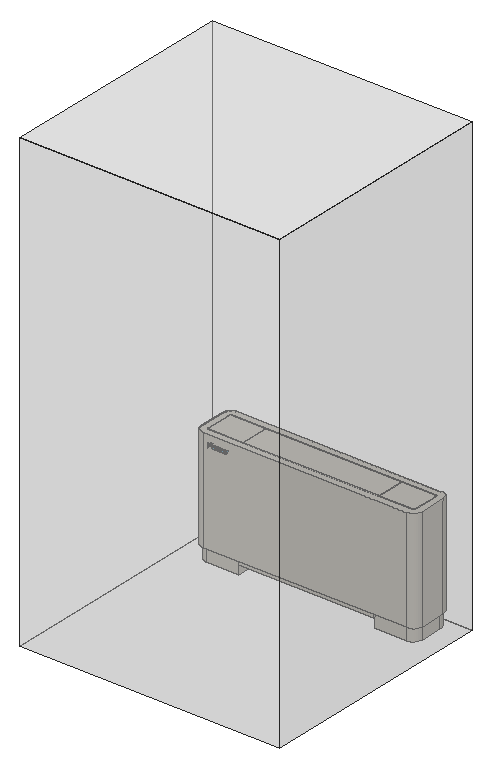
Revit family "outputfile", category 機械設備, Revit 2024
Family settings
  丸型コネクタ寸法 = 半径を使用
  パーツ タイプ = 標準
  OmniClass 番号 = 23.75.10.24.21.27.27
  OmniClass タイトル = Split System Air Conditioning Units
  作業面ベース = いいえ
  常に垂直 = はい
  ロード時にボイドで切り取り = いいえ
  注釈の向きを維持 = いいえ
  共有 = いいえ
  部屋計算ポイント = いいえ
Parameters (values of type "FXLQ40MAVE8")
  Description = ""
  製造元 = "Daikin"
  書き出し IFC クラス(タイプ) = "IfcUnitaryEquipmentType"
  定義済み IFC タイプ(タイプ) = "AIRCONDITIONINGUNIT"
  Cost = 0
  モデル = "FXLQ40MAVE8"
  Type Comments = ""
  Keynote = ""
  Type Image = (empty or 0)
  Assembly Code = ""
  w_machine casing = 760.0 mm
  w_hangerfixture = 0.0 mm
  w_dischargeflange = 702.0 mm
  w_2_machine casing = 730.0 mm
  w_1_machine casing = 702.0 mm
  r_Liquid Pipe Size = Liquid Pipe Size / 2  # 3.2 mm
  r_Gas Pipe Size = Gas Pipe Size / 2  # 6.35 mm
  w_mounting foot = 1030.0 mm
  r_Drain Pipe Size = Drain Pipe Size / 2  # 10.5 mm
  h_mountinghole = [h***] + 2.5 mm  # 2.5 mm
  lh_liquidpipe = 391.0 mm  # constant formula
  lh_gaspipe = 301.0 mm  # constant formula
  lh_drainpipe = 181.0 mm  # constant formula
  lh_antena = 598.5 mm  # constant formula
  ld_liquidpipe = 88.0 mm  # constant formula
  ld_gaspipe = 143.0 mm  # constant formula
  ld_drainpipe = 156.0 mm  # constant formula
  h*** = 0.0 mm  # constant formula
  w_front suction = 801.0 mm
  d_pipe_2 = 27.3 mm  # constant formula
  d_pipe_1 = 47.6 mm  # constant formula
  d_pipe = 71.2 mm  # constant formula
  Width = 1140.0 mm
  Voltage_comment_50Hz = "220-240"
  Voltage_50Hz = 220 V
  Version = "ver.1.0"
  Unit Type = "Floor Standing Type"
  Unit Mass Weight = 30.00 kg
  Unit Designation [instance] = ""
  Uniclass2015Version = "Products v1.30"
  Uniclass2015Title = "Variable refrigerant flow units"
  Uniclass2015Code = "Pr_70_65_03_94"
  URL = ""
  Total Heating Capacity [instance] = 0.000 kW
  Total Cooling Capacity [instance] = 0.000 kW
  Sound Pressure Level_M speed (dBA) = 0
  Sound Pressure Level_L speed (dBA) = 34
  Sound Pressure Level_H speed (dBA) = 39
  Sound Power Level_H speed (dB) = 0
  Series = "VRV Fan Coil Unit"
  Sensible Cooling Capacity [instance] = 0.000 kW
  SA Duct Size Width = w_dischargeflange  # 702.0 mm
  SA Duct Size Height = 150.0 mm  # constant formula
  Refrigerant Type = "R410A"
  Power Input (Heating) = 0.090 kW
  Power Input (Cooling) = 0.090 kW
  Phase_50Hz = 1
  Option Accessory 3 [instance] = ""
  Option Accessory 2 [instance] = ""
  Option Accessory 1 [instance] = ""
  Nominal Heating Capacity = 5.000 kW
  Nominal Cooling Capacity = 4.500 kW
  Minimum External Static Pressure = 0.00 Pa
  Minimum Circuit Amps_50Hz = 0.6 A
  Minimum Airflow = 510.00 m³/h
  Median Airflow = 0.00 m³/h
  Maximum Fuse Amps_50Hz = 15.0 A
  Maximum External Static Pressure = 0.00 Pa
  Maximum Airflow = 660.00 m³/h
  Material_Casing = DAIKIN_IvoryWhite_Casing_indoorunit
  Load Classification = HVAC
  Liquid Pipe Size = 6.4 mm
  Link_Nested Family [instance] = ""
  IfcVersion = "0"
  IfcExportType = "AIRCONDITIONINGUNIT"
  IfcExportAs = "IfcUnitaryEquipmentType"
  Height = 600.0 mm
  Heating Entering Wet Bulb Temperature [instance] = 0.00 °C
  Heating Entering Dry Bulb Temperature [instance] = 0.00 °C
  Heating Ambient Wet Bulb Temperature [instance] = 0.00 °C
  Heating Ambient Dry Bulb Temperature [instance] = 0.00 °C
  Heat Exchanger Type = "Cross Fin Coil"
  Gas Pipe Size = 12.7 mm
  Frequency_50Hz = 50 Hz
  Fan Type = "Sirocco Fan"
  Fan Drive = "Direct Drive"
  FCU Tag No. [instance] = ""
  Drain Pipe Size = 21.0 mm
  Design Supply Airflow [instance] = 0.00 m³/h
  Design External Static Pressure [instance] = 0.00 Pa
  Depth = 222.0 mm
  既定の高さ = 0.0 mm
  Cooling Entering Wet Bulb Temperature [instance] = 0.00 °C
  Cooling Entering Dry Bulb Temperature [instance] = 0.00 °C
  Cooling Ambient Wet Bulb Temperature [instance] = 0.00 °C
  Cooling Ambient Dry Bulb Temperature [instance] = 0.00 °C
  Clearance visibility [instance] = yes
  Clearance Top = 1750.0 mm
  Clearance Right = 100.0 mm
  Clearance Rear = 20.0 mm
  Clearance Left = 100.0 mm
  Clearance Front = 1000.0 mm
  Clearance Bottom = 0.0 mm
Reference planes
  plane 1: y = 0
  plane 2: z = 0
  plane 3 "Center (Left/Right)": x = 0
  plane 4 "Center (Front/Back)": y = -103
  plane 5: y = -206
  plane 6: x = -380
  plane 7: x = 380
  plane 8: z = 584
  plane 9: z = 68
  plane 10: z = 609
  plane 11: z = 2350
  plane 12: z = 0
  plane 13: x = -670
  plane 14: x = 670
  plane 15: y = -1214
  plane 16: y = 28
  plane 17 "Bottom": z = 0
  plane 18: x = -348
  plane 19: x = 348
  plane 20: x = -399
  plane 21: x = -550
  plane 22: z = 129
  plane 23: z = 518
  plane 24: z = 564.5
  plane 25: y = -32
  plane 26: x = 478.8
  plane 27 "ld_drainpipe": y = -148
  plane 28: z = 181
  plane 29: z = 301
  plane 30: z = 391
  plane 31: x = 407
  plane 32: x = 365
  plane 33: x = -365
  plane 34 "ld_liquidpipe": y = -80
  plane 35 "ld_gaspipe": y = -135
  plane 36: x = 514
  plane 37: z = 518.4
  plane 38: z = 388.6
  plane 39: x = 366
  plane 40: x = -366
  plane 41: x = -474.5
  plane 42: y = -42
  plane 43: y = -25.8
  plane 44 "Left": x = -570
  plane 45 "Right": x = 570
  plane 46: x = -351
  plane 47: x = 351
  plane 48: z = 70
  plane 49 "Top": z = 600
  plane 50 "Front": y = -214
  plane 51 "Back": y = 8
  plane 52: y = -201
Forms (mm)
  Extrusion 1, solid, material "DAIKIN_IvoryWhite_Casing_indoorunit" <- "Material_Casing"
    sketch origin (0, 0, 0) x (1, 0, 0) y (0, 1, 0)
      loop
        line (-380, 0) -> (-380, -206) -> (380, -206) -> (380, 0) -> (-380, 0)
    from 68 to 584
  Extrusion 2, solid, material "DAIKIN_IvoryWhite_Casing_indoorunit" <- "Material_Casing"
    sketch origin (0, 0, 68) x (0, 1, 0) y (1, 0, 0)
      loop
        line (0, -348) -> (0, 348) -> (-206, 348) -> (-206, -348) -> (0, -348)
    from 0 to 19.6
  Extrusion 3, solid, material "DAIKIN_IvoryWhite_Casing_indoorunit" <- "Material_Casing"
    sketch origin (-380, -206, 0) x (0, 1, 0) y (0, 0, -1)
      loop
        circle (103, -448.5) r 12.5
      loop
        circle (103, -243.5) r 12.5
    from 0 to 19
  Extrusion 4, solid, material "DAIKIN_IvoryWhite_Casing_indoorunit" <- "Material_Casing"
    sketch origin (0, 0, 68) x (-1, 0, 0) y (0, -1, 0)
      loop
        line (550, 25.8) -> (550, 71.25) -> (415.25, 206) -> (399, 206) -> (399, 25.8) -> (550, 25.8)
    from 61 to 450
  Extrusion 5, solid, material "DAIKIN_IvoryWhite_Casing_indoorunit" <- "Material_Casing"
    sketch origin (380, 0, 0) x (0, -1, 0) y (0, 0, -1)
      loop
        line (5.208, -545.14) -> (32, -564.5) -> (104, -554.5) -> (202.913, -407.529) -> (197.289, -319.3) -> (168.604, -299.952) -> (5.208, -545.14)
    from 0 to 98.8
  Extrusion 6, solid, material "DAIKIN_IvoryWhite_Casing_indoorunit" <- "Material_Casing"
    sketch origin (380, 0, 0) x (0, -1, 0) y (0, 0, -1)
      loop
        line (188.5, -240) -> (188.5, -210) -> (107.5, -210) -> (107.5, -240) -> (188.5, -240)
    from 0 to 50
  Extrusion 7, solid, material "DAIKIN_IvoryWhite_Casing_indoorunit" <- "Material_Casing"
    sketch origin (380, -107.5, 210) x (-1, 0, 0) y (0, 1, 0)
      loop
        circle (-27, -40.5) r 10.5
    from 0 to 29
  Sweep 8, solid, material "DAIKIN_IvoryWhite_Casing_indoorunit" <- "Material_Casing"
    path origin (0, -80, 0) x (0, 0, 1) y (1, 0, 0)
      loop
        line (518.4, 478.8) -> (518.4, 501)
        arc (518.4, 501) -> (514.592, 510.192) -> (505.4, 514) r 13
        line (505.4, 514) -> (391, 514)
    profile origin (489.9, -80, 518.4) x (0, 0, -1) y (0, 1, 0)
      loop
        circle (0, 0) r 3.2
  Sweep 9, solid, material "DAIKIN_IvoryWhite_Casing_indoorunit" <- "Material_Casing"
    path origin (0, -135, 0) x (0, 0, 1) y (1, 0, 0)
      loop
        line (388.6, 478.8) -> (388.6, 501)
        arc (388.6, 501) -> (384.792, 510.192) -> (375.6, 514) r 13
        line (375.6, 514) -> (301, 514)
    profile origin (489.9, -135, 388.6) x (0, 0, -1) y (0, 1, 0)
      loop
        circle (0, 0) r 6.35
Dimensions and locks
  equal spacing: plane 5, plane 4 "Center (Front/Back)", plane 1
  equal spacing: plane 6, plane 3 "Center (Left/Right)", plane 7
  locked: plane 10 to plane 8 at 25
  "h***": plane 17 "Bottom" to plane 2
  locked: plane 8 to plane 9 at 516
  "Clearance Bottom": plane 17 "Bottom" to plane 12
  locked: plane 6 to plane 18 at 32
  locked: plane 19 to plane 7 at 32
  plane 18 to plane 19 = 696.0 mm
  locked: Extrusion 3 sketch curve to plane 9 at 175.5
  locked: Extrusion 3 sketch curve to Extrusion 3 sketch curve at 205
  locked: plane 6 to plane 20 at 19
  plane 23 to plane 22 to plane 17 "Bottom" = 389.0 mm locked, 129.0 mm locked
  locked: plane 21 to plane 6 at 170
  locked: plane 10 to plane 24 at 44.5
  locked: plane 5 to plane 25 at 174
  locked: plane 7 to plane 26 at 98.8
  locked: Extrusion 6 sketch curve to Extrusion 6 sketch curve at 30
  locked: Extrusion 6 sketch curve to Extrusion 6 sketch curve at 81
  locked: Extrusion 6 sketch curve to plane 17 "Bottom" at 240
  locked: plane 27 "ld_drainpipe" to Extrusion 6 sketch curve at 40.5
  "lh_drainpipe": plane 28 to plane 17 "Bottom"
  "lh_gaspipe": plane 29 to plane 17 "Bottom"
  "lh_liquidpipe": plane 30 to plane 17 "Bottom"
  locked: plane 33 to plane 6 at 15
  locked: plane 7 to plane 32 at 15
  locked: plane 31 to plane 32 at 42
  locked: plane 36 to plane 7 at 134
  locked: plane 10 to plane 37 at 90.6
  locked: plane 10 to plane 38 at 220.4
  locked: plane 6 to plane 40 at 14
  locked: plane 39 to plane 7 at 14
  equal spacing: plane 32, plane 3 "Center (Left/Right)", plane 33
  plane 32 to plane 33 = 730.0 mm
  locked: plane 21 to plane 41 at 75.5
  locked: plane 42 to plane 1 at 42
  locked: plane 43 to plane 5 at 180.2
  locked: Extrusion 4 sketch curve to plane 20 at 16.25
  locked: plane 43 to Extrusion 4 sketch curve at 45.45
  locked: plane 46 to plane 44 "Left" at 219
  locked: plane 45 "Right" to plane 47 at 219
  "Width": plane 45 "Right" to plane 44 "Left"
  locked: plane 49 "Top" to plane 48 at 530
  equal spacing: plane 45 "Right", plane 3 "Center (Left/Right)", plane 44 "Left"
  "w_machine casing": plane 6 to plane 7
  "Depth": plane 51 "Back" to plane 50 "Front"
  equal spacing: plane 51 "Back", plane 4 "Center (Front/Back)", plane 50 "Front"
  locked: plane 1 to plane 5 at 206
  locked: plane 10 to plane 17 "Bottom" at 609
  "Height": plane 49 "Top" to plane 17 "Bottom"
  "Clearance Rear": plane 16 to plane 51 "Back"
  "Clearance Front": plane 50 "Front" to plane 15
  "Clearance Right": plane 14 to plane 45 "Right"
  "Clearance Left": plane 44 "Left" to plane 13
  "Clearance Top": plane 11 to plane 49 "Top"
  equal spacing: plane 18, nested 2, plane 19
  "ld_liquidpipe": plane 34 "ld_liquidpipe" to plane 51 "Back"
  "ld_gaspipe": plane 35 "ld_gaspipe" to plane 51 "Back"
  "ld_drainpipe": plane 27 "ld_drainpipe" to plane 51 "Back"
  locked: plane 50 "Front" to plane 52 at 13
  "Drain Pipe Size": diameter of Extrusion 7 sketch curve
  "Gas Pipe Size": diameter of Sweep 9 sketch curve
  locked: Extrusion 4 sketch curve to Extrusion 4 sketch curve (angle 45.00°)
  aligned and locked: level to plane 2
  aligned and locked: plane 1 to Extrusion 1 sketch curve
  aligned and locked: plane 6 to Extrusion 1 sketch curve
  aligned and locked: plane 5 to Extrusion 1 sketch curve
  aligned and locked: Extrusion 1 sketch curve to plane 7
  aligned and locked: plane 8 to Extrusion 1
  aligned and locked: Extrusion 1 to plane 9
  aligned and locked: plane 8 to nested 1
  aligned and locked: plane 3 "Center (Left/Right)" to nested 1
  aligned and locked: nested 2 to plane 16
  aligned and locked: nested 2 to plane 15
  aligned and locked: plane 11 to nested 2
  aligned and locked: plane 12 to nested 2
  aligned and locked: plane 13 to nested 2
  aligned and locked: plane 14 to nested 2
  aligned and locked: nested 3 to plane 4 "Center (Front/Back)"
  aligned and locked: nested 4 to plane 4 "Center (Front/Back)"
  aligned and locked: plane 1 to Extrusion 2 sketch curve
  aligned and locked: plane 5 to Extrusion 2 sketch curve
  aligned and locked: plane 18 to Extrusion 2 sketch curve
  aligned and locked: Extrusion 2 sketch curve to plane 19
  aligned and locked: plane 4 "Center (Front/Back)" to Extrusion 3 sketch curve  (x2)
  aligned and locked: Extrusion 3 to plane 20
  aligned and locked: plane 21 to Extrusion 4 sketch curve
  aligned and locked: Extrusion 4 sketch curve to plane 20
  aligned and locked: plane 23 to Extrusion 4
  aligned and locked: Extrusion 4 to plane 22
  aligned and locked: plane 26 to Extrusion 5
  aligned and locked: plane 25 to Extrusion 5 sketch curve
  aligned and locked: plane 24 to Extrusion 5 sketch curve
  aligned and locked: plane 31 to Extrusion 7 sketch curve
  aligned and locked: plane 27 "ld_drainpipe" to Extrusion 7 sketch curve
  aligned and locked: Extrusion 7 to plane 28
  aligned and locked: plane 36 to Sweep 8 sketch curve
  aligned and locked: Sweep 8 sketch curve to plane 37
  aligned and locked: plane 30 to Sweep 8 sketch curve
  aligned and locked: plane 26 to Sweep 8 sketch curve
  aligned and locked: plane 29 to Sweep 9 sketch curve
  aligned and locked: plane 26 to Sweep 9 sketch curve
  aligned and locked: Sweep 9 sketch curve to plane 38
  aligned and locked: plane 36 to Sweep 9 sketch curve
  aligned and locked: nested 3 to plane 39
  aligned and locked: plane 40 to nested 4
  aligned and locked: plane 31 to nested 5
  aligned and locked: nested 6 to plane 36
  aligned and locked: nested 7 to plane 36
  aligned and locked: nested 8 to plane 41
  aligned and locked: plane 4 "Center (Front/Back)" to nested 8
  aligned and locked: Extrusion 4 sketch curve to plane 43
  aligned and locked: Extrusion 4 sketch curve to plane 5
  aligned and locked: nested 7 to plane 34 "ld_liquidpipe"
  aligned and locked: nested 6 to plane 35 "ld_gaspipe"
  aligned and locked: nested 5 to plane 27 "ld_drainpipe"
  aligned and locked: nested 9 to plane 46
  aligned and locked: nested 9 to plane 17 "Bottom"
  aligned and locked: nested 10 to plane 47
  aligned and locked: nested 10 to plane 17 "Bottom"
  aligned and locked: plane 3 "Center (Left/Right)" to nested 11
  aligned and locked: nested 11 to plane 4 "Center (Front/Back)"
  aligned and locked: nested 11 to plane 48
  aligned and locked: nested 12 to plane 50 "Front"
  aligned and locked: plane 24 to nested 12
  aligned and locked: plane 20 to nested 12
  aligned and locked: plane 52 to nested 10
  aligned and locked: nested 9 to plane 52
  aligned and locked: nested 5 to plane 17 "Bottom"
  aligned and locked: nested 6 to plane 17 "Bottom"
  aligned and locked: nested 7 to plane 17 "Bottom"
  aligned and locked: nested 8 to plane 17 "Bottom"
  aligned and locked: plane 4 "Center (Front/Back)" to nested 1
  aligned and locked: plane 49 "Top" to nested 11
Automatic sketch dimensions
  Extrusion 1 sketch curve to plane 5 = 0.0 mm
  Extrusion 1 to Extrusion 5 sketch curve = 5.208 mm
  Extrusion 1 to Extrusion 5 sketch curve = 29.5 mm
  Extrusion 5 sketch curve to Extrusion 5 sketch curve = 72.0 mm
  Extrusion 1 to Extrusion 5 sketch curve = 37.396 mm
  Extrusion 1 to Extrusion 5 sketch curve = 8.711 mm
  Extrusion 1 to Extrusion 5 sketch curve = 3.087 mm
  Extrusion 5 sketch curve to Extrusion 5 sketch curve = 19.36 mm
  Extrusion 1 to Extrusion 5 sketch curve = 176.471 mm
  Extrusion 5 sketch curve to Extrusion 5 sketch curve = 88.229 mm
  Extrusion 5 sketch curve to Extrusion 5 sketch curve = 19.348 mm
  Sweep 8 sketch curve to profile plane = 0.0 mm  (x2)
  Sweep 8 sketch curve to plane 23 = 12.6 mm
  Sweep 9 sketch curve to plane 38 = 13.0 mm
  Sweep 9 sketch curve to plane 35 "ld_gaspipe" = 0.0 mm
  Sweep 9 sketch curve to profile plane = 0.0 mm
  radius of Extrusion 3 sketch curve = 12.5 mm  (x2)
  radius of Sweep 8 sketch curve = 3.2 mm
Nested families
  nested 1: "daikin_ductflange_FXLQ-MAVE8" at (0, -178, 584) x (1, 0, 0) z (0, 1, 0), width <- "w_dischargeflange", material <- "Material_Casing", type "daikin_ductflange_FXLQ-MAVE8"
    with width 702.0 mm, material DAIKIN_IvoryWhite_Casing_indoorunit, height 150.0 mm, depth 16.0 mm
  nested 2: "daikin_clearancespace" at (0, -593, 1175.119), visible <- "Clearance visibility", show <- "Clearance visibility", Link_Nested Family <- "Link_Nested Family", type "daikin_clearancespace"
    with width 1340.0 mm, show yes, height 2350.0 mm, depth 1242.0 mm, Link_Nested Family ""
  nested 3: "daikin_mountinghole" at (366, -103, 0), Link_Nested Family <- "Link_Nested Family", h_mountinghole <- "h_mountinghole", l_antenna <- "lh_antena", type "daikin_mountinghole"
    with show yes, l_antenna 598.5 mm, h_mountinghole 2.5 mm, Link_Nested Family ""
  nested 4: "daikin_mountinghole" at (-366, -103, 0), Link_Nested Family <- "Link_Nested Family", h_mountinghole <- "h_mountinghole", l_antenna <- "lh_antena", type "daikin_mountinghole"
    with show yes, l_antenna 598.5 mm, h_mountinghole 2.5 mm, Link_Nested Family ""
  nested 5: "daikin_connector_rotate2" at (407, -148, 181) x (1, 0, 0) z (0, -1, 0), radius <- "r_Drain Pipe Size", length <- "lh_drainpipe", type "daikin_connector_rotate2"
    with radius 10.5 mm, length 181.0 mm, angle_vertical 90.00°, show_face no
  nested 6: "daikin_connector_rotate2" at (514, -135, 301) x (1, 0, 0) z (0, -1, 0), radius <- "r_Gas Pipe Size", length <- "lh_gaspipe", type "daikin_connector_rotate2"
    with radius 6.35 mm, length 301.0 mm, angle_vertical 90.00°, show_face no
  nested 7: "daikin_connector_rotate2" at (514, -80, 391) x (1, 0, 0) z (0, -1, 0), radius <- "r_Liquid Pipe Size", length <- "lh_liquidpipe", type "daikin_connector_rotate2"
    with radius 3.2 mm, length 391.0 mm, angle_vertical 90.00°, show_face no
  nested 8: "daikin_connector_rotate2" at (-474.5, -103, 129) x (1, 0, 0) z (0, -1, 0), type "daikin_connector_rotate2"
    with radius 10.0 mm, length 129.0 mm, angle_vertical 90.00°, show_face no
  nested 9: "daikin_hangerfixture_FXLQ-MAVE8" at (-455.5, -99, 0), type "daikin_hangerfixture_FXLQ-MAVE8"
  nested 10: "daikin_hangerfixture_FXLQ-MAVE8" at (455.5, -99, 0) x (-1, 0, 0) z (0, 0, 1), type "daikin_hangerfixture_FXLQ-MAVE8"
  nested 11: "daikin_machine casing_FXLQ-MAVE8" at (0, -103, 70), width <- "Width", W_2 <- "w_2_machine casing", W_1 <- "w_1_machine casing", material <- "Material_Casing", type "daikin_machine casing_FXLQ-MAVE8"
    with width 1140.0 mm, material DAIKIN_IvoryWhite_Casing_indoorunit, height 530.0 mm, depth 222.0 mm, W_2 730.0 mm, W_1 702.0 mm, D_1 150.0 mm
  nested 12: "daikin_logo_elevation_w100" at (-434, -214, 539.5), type "daikin_logo_elevation_w100"
    with show_logo yes
Connectors
  electrical at (-474.5, -103, 0), driven by "Load Classification"
    settings: on nested 8, index 5, voltage 0 V, apparent load 0 VA, apparent load phase1 0 VA, apparent load phase2 0 VA, apparent load phase3 0 VA, power factor 1, load classification "HVAC", number of poles 1, system type 30, power factor state 1, is connector primary yes, connector utility no, sub classification motor no, connector description "Power Supply"
  piping at (514, -80, 0), diameter 6.4, driven by "r_Liquid Pipe Size"
    settings: on nested 7, index 6, connector inside diameter 609.6 mm, connector length 0.0 mm, flow factor 0, pipe flow 0.00 m³/h, pressure drop 0.0 Pa, fitting loss kfactor 0, connector angle 0.00°, fixture units 0, engagement length 0.0 mm, angle of deflection 0.00°, flow configuration 1, flow direction 1, fitting loss method 0, system type 29, joint type 0, gender type 0, connector reference index -1, connector utility 0, adjustable connector no, is connector primary yes, connector description "Refrigerant Liquid Piping"
  piping at (514, -135, 0), diameter 12.7, driven by "r_Gas Pipe Size"
    settings: on nested 6, index 7, connector inside diameter 609.6 mm, connector length 0.0 mm, flow factor 0, pipe flow 0.00 m³/h, pressure drop 0.0 Pa, fitting loss kfactor 0, connector angle 0.00°, fixture units 0, engagement length 0.0 mm, angle of deflection 0.00°, flow configuration 1, flow direction 2, fitting loss method 0, system type 29, joint type 0, gender type 0, connector reference index -1, connector utility 0, adjustable connector no, is connector primary no, connector description "Refrigerant Gas Piping"
  piping at (407, -148, 0), diameter 21, driven by "r_Drain Pipe Size"
    settings: on nested 5, index 8, connector inside diameter 609.6 mm, connector length 0.0 mm, flow factor 0, pipe flow 0.00 m³/h, pressure drop 0.0 Pa, fitting loss kfactor 0, connector angle 0.00°, fixture units 0, engagement length 0.0 mm, angle of deflection 0.00°, flow configuration 1, flow direction 2, fitting loss method 4, system type 16, joint type 0, gender type 0, connector reference index -1, connector utility 0, adjustable connector no, is connector primary no, connector description "Condensate Drain Piping"
Definition of nested family "daikin_ductflange_FXLQ-MAVE8"
  Parameters (values of type "daikin_ductflange_FXLQ-MAVE8")
    width [instance] = 662.0 mm
    material [instance] = none
    height [instance] = 150.0 mm
    depth [instance] = 25.0 mm
    Default Elevation = 0.0 mm
  Reference planes
    plane 1 "Center (Front/Back)": y = 0
    plane 2: z = 0
    plane 3 "Center (Left/Right)": x = 0
    plane 4: y = -25
    plane 5: x = -331
    plane 6: x = 331
    plane 7 "Top": z = 150
    plane 8: y = -1
    plane 9: z = 135.5
    plane 10: z = 14.5
    plane 11 "Center (Elevation)": z = 75
    plane 12: x = -330
    plane 13: x = 330
  Forms (mm)
    Extrusion 1, solid, material <- "material"
      sketch origin (0, 0, 0) x (1, 0, 0) y (0, 0, 1)
        loop
          line (-331, 150) -> (-331, 0) -> (331, 0) -> (331, 150) -> (-331, 150)
      from 1 to 25
  Dimensions and locks
    "height": plane 7 "Top" to plane 2
    "width": plane 5 to plane 6
    equal spacing: plane 5, plane 3 "Center (Left/Right)", plane 6
    "depth": plane 1 "Center (Front/Back)" to plane 4
    locked: plane 8 to plane 1 "Center (Front/Back)" at 1
    locked: plane 7 "Top" to plane 9 at 14.5
    locked: plane 10 to plane 2 at 14.5
    equal spacing: plane 7 "Top", plane 11 "Center (Elevation)", plane 2
    locked: plane 12 to plane 5 at 1
    locked: plane 6 to plane 13 at 1
    aligned and locked: level to plane 2
    aligned and locked: plane 5 to Extrusion 1 sketch curve
    aligned and locked: Extrusion 1 sketch curve to plane 7 "Top"
    aligned and locked: plane 2 to Extrusion 1 sketch curve
    aligned and locked: Extrusion 1 sketch curve to plane 6
    aligned and locked: Extrusion 1 to plane 4
    aligned and locked: plane 8 to Extrusion 1
Definition of nested family "daikin_clearancespace"
  Parameters (values of type "daikin_clearancespace")
    width [instance] = 1823.963 mm
    show [instance] = yes
    material = none
    height [instance] = 1359.762 mm
    depth [instance] = 880.0 mm
    Default Elevation = 0.0 mm
    Link_Nested Family [instance] = ""
  Reference planes
    plane 1 "Center (Front/Back)": y = 0
    plane 2 "Center (Elevation)": z = -0.119
    plane 3 "Center (Left/Right)": x = 0
    plane 4: y = 440
    plane 5: y = -440
    plane 6 "Right": x = 911.982
    plane 7 "Left": x = -911.982
    plane 8 "Top": z = 679.762
    plane 9 "Bottom": z = -680
  Forms (mm)
    Extrusion 1, solid, material <- "material", visible <- "show"
      sketch origin (0, 0, 0) x (1, 0, 0) y (0, 1, 0)
        loop
          line (-911.982, 440) -> (-911.982, -440) -> (911.982, -440) -> (911.982, 440) -> (-911.982, 440)
      from -680 to 679.762
  Lines and regions (mm)
    symbolic lines, visible <- "show"
      curve 1: line (911.982, 440, 0) -> (-911.982, 440, 0)
      curve 2: line (-911.982, 440, 0) -> (-911.982, -440, 0)
      curve 3: line (-911.982, -440, 0) -> (911.982, -440, 0)
      curve 4: line (911.982, -440, 0) -> (911.982, 440, 0)
      curve 5: line (911.982, 0, 679.762) -> (-911.982, 0, 679.762)
      curve 6: line (911.982, 0, -680) -> (911.982, 0, 679.762)
      curve 7: line (-911.982, 0, -680) -> (911.982, 0, -680)
      curve 8: line (-911.982, 0, 679.762) -> (-911.982, 0, -680)
      curve 9: line (0, 440, 679.762) -> (0, -440, 679.762)
      curve 10: line (0, -440, 679.762) -> (0, -440, -680)
      curve 11: line (0, 440, -680) -> (0, 440, 679.762)
      curve 12: line (0, -440, -680) -> (0, 440, -680)
  Dimensions and locks
    "width": plane 7 "Left" to plane 6 "Right"
    "depth": plane 4 to plane 5
    "height": plane 8 "Top" to plane 9 "Bottom"
    equal spacing: plane 7 "Left", plane 3 "Center (Left/Right)", plane 6 "Right"
    equal spacing: plane 4, plane 1 "Center (Front/Back)", plane 5
    equal spacing: plane 8 "Top", plane 2 "Center (Elevation)", plane 9 "Bottom"
    aligned and locked: level to plane 2 "Center (Elevation)"
    aligned and locked: Extrusion 1 sketch curve to plane 4
    aligned and locked: plane 7 "Left" to Extrusion 1 sketch curve
    aligned and locked: Extrusion 1 sketch curve to plane 5
    aligned and locked: Extrusion 1 sketch curve to plane 6 "Right"
    aligned and locked: plane 8 "Top" to Extrusion 1
    aligned and locked: curve 1 to Extrusion 1
    aligned and locked: curve 2 to Extrusion 1
    aligned and locked: curve 3 to Extrusion 1
    aligned and locked: curve 4 to Extrusion 1
    aligned and locked: curve 5 to Extrusion 1
    aligned and locked: curve 6 to Extrusion 1
    aligned and locked: curve 7 to Extrusion 1
    aligned and locked: curve 8 to Extrusion 1
    aligned and locked: curve 9 to Extrusion 1
    aligned and locked: curve 10 to Extrusion 1
    aligned and locked: curve 11 to Extrusion 1
    aligned and locked: curve 12 to Extrusion 1
    aligned and locked: Extrusion 1 to plane 9 "Bottom"
Definition of nested family "daikin_hangerfixture_FXLQ-MAVE8"
  Parameters (values of type "daikin_hangerfixture_FXLQ-MAVE8")
    width = 209.0 mm
    material = none
    height = 70.0 mm
    depth = 204.0 mm
    Default Elevation = 0.0 mm
  Reference planes
    plane 1 "Center (Front/Back)": y = 0
    plane 2: z = 0
    plane 3 "Center (Left/Right)": x = 0
    plane 4: x = -104.5
    plane 5: x = 104.5
    plane 6: y = 102
    plane 7: y = -102
    plane 8: z = 70
  Forms (mm)
    Extrusion 1, solid, material <- "material"
      sketch origin (0, 0, 0) x (1, 0, 0) y (0, 1, 0)
        loop
          arc (-59.5, 102) -> (-91.32, 88.82) -> (-104.5, 57) r 45
          line (-104.5, 57) -> (-104.5, -57)
          arc (-104.5, -57) -> (-91.32, -88.82) -> (-59.5, -102) r 45
          line (-59.5, -102) -> (104.5, -102) -> (104.5, 102) -> (-59.5, 102)
      from 0 to 70
    Extrusion 2, void
      sketch origin (0, 0, 0) x (1, 0, 0) y (0, 1, 0)
        loop
          line (74.5, 92) -> (-55.5, 92)
          arc (-55.5, 92) -> (-80.249, 81.749) -> (-90.5, 57) r 35
          line (-90.5, 57) -> (-90.5, -57)
          arc (-90.5, -57) -> (-80.249, -81.749) -> (-55.5, -92) r 35
          line (-55.5, -92) -> (74.5, -92) -> (74.5, 92)
      from 0 to 67.5
    Extrusion 3, void
      sketch origin (0, 0, 0) x (1, 0, 0) y (0, 1, 0)
        loop
          line (83.5, 9) -> (83.5, -9) -> (95.5, -9) -> (95.5, 9) -> (83.5, 9)
      from 0 to 2.5
    Extrusion 4, void
      sketch origin (0, 0, 0) x (1, 0, 0) y (0, 1, 0)
        loop
          line (74.5, 92) -> (74.5, -92) -> (102, -92) -> (102, 92) -> (74.5, 92)
      from 2.5 to 67.5
  Cuts and joins
    Extrusion 2, Extrusion 3, Extrusion 4 cuts Extrusion 1
  Dimensions and locks
    "depth": plane 7 to plane 6
    equal spacing: plane 7, plane 1 "Center (Front/Back)", plane 6
    "width": plane 4 to plane 5
    equal spacing: plane 4, plane 3 "Center (Left/Right)", plane 5
    "height": plane 8 to plane 2
    locked: Extrusion 2 sketch curve to plane 5 at 30
    locked: Extrusion 2 sketch curve to plane 6 at 10
    locked: plane 7 to Extrusion 2 sketch curve at 10
    locked: plane 4 to Extrusion 2 sketch curve at 14
    locked: Extrusion 3 sketch curve to Extrusion 3 sketch curve at 12
    locked: Extrusion 3 sketch curve to Extrusion 3 sketch curve at 18
    locked: Extrusion 3 sketch curve to plane 1 "Center (Front/Back)" at 9
    locked: Extrusion 3 sketch curve to plane 5 at 9
    locked: Extrusion 4 sketch curve to plane 6 at 10
    locked: plane 7 to Extrusion 4 sketch curve at 10
    locked: Extrusion 4 sketch curve to plane 5 at 2.5
    aligned and locked: level to plane 2
    aligned and locked: plane 6 to Extrusion 1 sketch curve
    aligned and locked: plane 4 to Extrusion 1 sketch curve
    aligned and locked: Extrusion 1 sketch curve to plane 7
    aligned and locked: Extrusion 1 sketch curve to plane 5
    aligned and locked: plane 8 to Extrusion 1
  Automatic sketch dimensions
    plane 4 to Extrusion 1 sketch curve = 45.0 mm  (x2)
    plane 4 to Extrusion 2 sketch curve = 49.0 mm
    Extrusion 2 sketch curve to Extrusion 2 sketch curve = 35.0 mm
    Extrusion 4 sketch curve to plane 5 = 30.0 mm
Definition of nested family "daikin_machine casing_FXLQ-MAVE8"
  Parameters (values of type "daikin_machine casing_FXLQ-MAVE8")
    width [instance] = 1000.0 mm
    material [instance] = none
    height [instance] = 530.0 mm
    depth [instance] = 222.0 mm
    W_2 [instance] = 590.0 mm
    W_1 [instance] = 562.0 mm
    Default Elevation = 0.0 mm
    D_1 [instance] = 150.0 mm
  Reference planes
    plane 1 "Center (Front/Back)": y = 0
    plane 2: z = 0
    plane 3 "Center (Left/Right)": x = 0
    plane 4: x = -500
    plane 5: x = 500
    plane 6: y = 111
    plane 7: y = -111
    plane 8: z = 530
    plane 9: x = -281
    plane 10: x = 281
    plane 11: y = 75
    plane 12: y = -75
    plane 13: x = -298
    plane 14: x = 298
    plane 15: x = -464
    plane 16: x = 464
    plane 17: x = -295
    plane 18: x = 295
    plane 19: z = 163
    plane 20: z = 355
  Forms (mm)
    Extrusion 1, solid, material <- "material"
      sketch origin (0, 0, 0) x (1, 0, 0) y (0, 1, 0)
        loop
          arc (-455, 111) -> (-486.82, 97.82) -> (-500, 66) r 45
          line (-500, 66) -> (-500, -66)
          arc (-500, -66) -> (-486.82, -97.82) -> (-455, -111) r 45
          line (-455, -111) -> (455, -111)
          arc (455, -111) -> (486.82, -97.82) -> (500, -66) r 45
          line (500, -66) -> (500, 66)
          arc (500, 66) -> (486.82, 97.82) -> (455, 111) r 45
          line (455, 111) -> (-455, 111)
      from 0 to 530
    Extrusion 2, void
      sketch origin (0, 0, 0) x (1, 0, 0) y (0, 1, 0)
        loop
          arc (-455, 108.5) -> (-485.052, 96.052) -> (-497.5, 66) r 42.5
          line (-497.5, 66) -> (-497.5, -66)
          arc (-497.5, -66) -> (-485.052, -96.052) -> (-455, -108.5) r 42.5
          line (-455, -108.5) -> (455, -108.5)
          arc (455, -108.5) -> (485.052, -96.052) -> (497.5, -66) r 42.5
          line (497.5, -66) -> (497.5, 66)
          arc (497.5, 66) -> (485.052, 96.052) -> (455, 108.5) r 42.5
          line (455, 108.5) -> (-455, 108.5)
      from 0 to 528
    Extrusion 3, void
      sketch origin (0, 0, 530) x (0, 1, 0) y (1, 0, 0)
        loop
          line (75, -281) -> (75, 281) -> (-75, 281) -> (-75, -281) -> (75, -281)
      from 0 to 2.5
    Extrusion 4, void
      sketch origin (0, 0, 530) x (0, 1, 0) y (1, 0, 0)
        loop
          line (75, -455) -> (75, -281) -> (74, -281) -> (74, -455)
          arc (74, -455) -> (71.657, -460.657) -> (66, -463) r 8
          line (66, -463) -> (-66, -463)
          arc (-66, -463) -> (-71.657, -460.657) -> (-74, -455) r 8
          line (-74, -455) -> (-74, -281) -> (-75, -281) -> (-75, -455)
          arc (-75, -455) -> (-72.364, -461.364) -> (-66, -464) r 9
          line (-66, -464) -> (66, -464)
          arc (66, -464) -> (72.364, -461.364) -> (75, -455) r 9
        loop
          line (75, 281) -> (75, 455)
          arc (75, 455) -> (72.364, 461.364) -> (66, 464) r 9
          line (66, 464) -> (-66, 464)
          arc (-66, 464) -> (-72.364, 461.364) -> (-75, 455) r 9
          line (-75, 455) -> (-75, 281) -> (-74, 281) -> (-74, 455)
          arc (-74, 455) -> (-71.657, 460.657) -> (-66, 463) r 8
          line (-66, 463) -> (66, 463)
          arc (66, 463) -> (71.657, 460.657) -> (74, 455) r 8
          line (74, 455) -> (74, 281) -> (75, 281)
      from 0 to 2.5
    Extrusion 5, void
      sketch origin (1480.036, 111, 1200) x (-1, 0, 0) y (0, 0, 1)
        loop
          line (1781.036, -830) -> (1769.036, -830) -> (1769.036, -860) -> (1781.036, -860) -> (1781.036, -830)
        loop
          line (1191.036, -830) -> (1179.036, -830) -> (1179.036, -860) -> (1191.036, -860) -> (1191.036, -830)
        loop
          line (1781.036, -1022) -> (1769.036, -1022) -> (1769.036, -1052) -> (1781.036, -1052) -> (1781.036, -1022)
        loop
          line (1191.036, -1022) -> (1179.036, -1022) -> (1179.036, -1052) -> (1191.036, -1052) -> (1191.036, -1022)
      from 0 to -2.5
  Cuts and joins
    Extrusion 2, Extrusion 3, Extrusion 4, Extrusion 5 cuts Extrusion 1
  Dimensions and locks
    "width": plane 4 to plane 5
    equal spacing: plane 4, plane 3 "Center (Left/Right)", plane 5
    "depth": plane 7 to plane 6
    equal spacing: plane 7, plane 1 "Center (Front/Back)", plane 6
    "height": plane 8 to plane 2
    locked: plane 4 to Extrusion 2 sketch curve at 2.5
    locked: Extrusion 2 sketch curve to plane 6 at 2.5
    locked: Extrusion 2 sketch curve to plane 5 at 2.5
    locked: plane 7 to Extrusion 2 sketch curve at 2.5
    "W_1": plane 9 to plane 10
    equal spacing: plane 9, plane 3 "Center (Left/Right)", plane 10
    "D_1": plane 12 to plane 11
    equal spacing: plane 12, plane 1 "Center (Front/Back)", plane 11
    locked: Extrusion 4 sketch curve to plane 11 at 1  (x2)
    locked: plane 15 to Extrusion 4 sketch curve at 1
    locked: plane 12 to Extrusion 4 sketch curve at 1  (x2)
    locked: Extrusion 4 sketch curve to plane 16 at 1
    locked: plane 4 to plane 15 at 36
    locked: plane 16 to plane 5 at 36
    locked: plane 13 to plane 9 at 17
    locked: plane 10 to plane 14 at 17
    "W_2": plane 18 to plane 17
    equal spacing: plane 18, plane 3 "Center (Left/Right)", plane 17
    plane 20 to plane 19 to plane 2 = 192.0 mm locked, 163.0 mm locked
    locked: Extrusion 5 sketch curve to Extrusion 5 sketch curve at 12  (x4)
    locked: Extrusion 5 sketch curve to Extrusion 5 sketch curve at 30  (x4)
    locked: Extrusion 5 sketch curve to plane 17 at 6
    locked: plane 20 to Extrusion 5 sketch curve at 15  (x2)
    locked: Extrusion 5 sketch curve to plane 18 at 6
    locked: plane 17 to Extrusion 5 sketch curve at 6
    locked: plane 19 to Extrusion 5 sketch curve at 15  (x2)
    locked: plane 18 to Extrusion 5 sketch curve at 6
    aligned and locked: level to plane 2
    aligned and locked: plane 6 to Extrusion 1 sketch curve
    aligned and locked: plane 4 to Extrusion 1 sketch curve
    aligned and locked: Extrusion 1 sketch curve to plane 7
    aligned and locked: Extrusion 1 sketch curve to plane 5
    aligned and locked: plane 8 to Extrusion 1
    aligned and locked: Extrusion 1 to plane 2
    aligned and locked: Extrusion 3 sketch curve to plane 11
    aligned and locked: Extrusion 3 sketch curve to plane 9
    aligned and locked: plane 12 to Extrusion 3 sketch curve
    aligned and locked: plane 10 to Extrusion 3 sketch curve
    aligned and locked: Extrusion 4 sketch curve to plane 11
    aligned and locked: Extrusion 4 sketch curve to plane 15
    aligned and locked: cut or joined group of Extrusion 1, Extrusion 2, Extrusion 3, Extrusion 4, Extrusion 5 to Extrusion 4 sketch curve
    aligned and locked: Extrusion 4 sketch curve to cut or joined group of Extrusion 1, Extrusion 2, Extrusion 3, Extrusion 4, Extrusion 5  (x2)
    aligned and locked: plane 12 to Extrusion 4 sketch curve
    aligned and locked: plane 16 to Extrusion 4 sketch curve
    aligned and locked: plane 11 to Extrusion 4 sketch curve
    aligned and locked: plane 10 to Extrusion 4 sketch curve
    aligned and locked: Extrusion 4 sketch curve to plane 9
  Automatic sketch dimensions
    plane 4 to Extrusion 1 sketch curve = 45.0 mm  (x2)
    Extrusion 1 sketch curve to plane 5 = 45.0 mm  (x2)
    Extrusion 2 sketch curve to Extrusion 2 sketch curve = 42.5 mm
    Extrusion 2 sketch curve to plane 5 = 45.0 mm  (x2)
    plane 4 to Extrusion 2 sketch curve = 45.0 mm
    Extrusion 4 sketch curve to Extrusion 4 sketch curve = 0.0 mm  (x8)
    Extrusion 4 sketch curve to Extrusion 4 sketch curve = 8.0 mm  (x4)
Definition of nested family "daikin_logo_elevation_w100"
  Parameters (values of type "daikin_logo_elevation_w100")
    width = 100.0 mm
    show_logo [instance] = yes
    material = none
    height = 25.0 mm
    depth = 5.0 mm
    Default Elevation = 0.0 mm
  Reference planes
    plane 1 "Center (Front/Back)": y = 0
    plane 2: z = 0
    plane 3 "Center (Left/Right)": x = -15
    plane 4 "left": x = -65
    plane 5 "right": x = 35
    plane 6: y = -5
    plane 7: z = 25
  Forms (mm)
    Extrusion 1, solid
      sketch origin (0, 0, 0) x (1, 0, 0) y (0, 0, 1)
        loop
          line (-65, 25) -> (-65, 14.753) -> (-53.814, 25) -> (-65, 25)
      from 0 to 5
    Extrusion 2, solid
      sketch origin (0, 0, 0) x (1, 0, 0) y (0, 0, 1)
        loop
          line (-42.019, 25) -> (-53.814, 25) -> (-65, 14.753) -> (-65, 3.87) -> (-42.019, 25)
      from 0 to 5
    Extrusion 3, solid
      sketch origin (0, 0, 0) x (1, 0, 0) y (0, 0, 1)
        loop
          line (-35.602, 20.041) -> (-41.486, 20.041) -> (-44.428, 8.274) -> (-35.602, 8.274)
          arc (-35.602, 8.274) -> (-32.105, 8.983) -> (-29.415, 11.329) r 6.978
          arc (-29.415, 11.329) -> (-28.233, 14.382) -> (-28.637, 17.63) r 6.701
          arc (-28.637, 17.63) -> (-29.469, 18.814) -> (-30.709, 19.559) r 3.49
          arc (-30.709, 19.559) -> (-33.138, 19.976) -> (-35.602, 20.041) r 17.114
        loop
          line (-38.544, 10.627) -> (-36.191, 10.627)
          arc (-36.191, 10.627) -> (-34.383, 11.838) -> (-33.335, 13.745) r 4.6
          arc (-33.335, 13.745) -> (-33.193, 15.202) -> (-33.538, 16.625) r 4.404
          arc (-33.538, 16.625) -> (-34.051, 17.128) -> (-34.72, 17.393) r 1.818
          line (-34.72, 17.393) -> (-37.073, 17.393) -> (-38.544, 10.627)
        loop
          line (-29.13, 8.274) -> (-25.894, 8.274) -> (-24.791, 10.333) -> (-20.158, 10.333) -> (-19.717, 8.274) -> (-14.422, 8.274) -> (-16.775, 20.041) -> (-22.659, 20.041) -> (-29.13, 8.274)
        loop
          line (-23.373, 12.98) -> (-20.725, 12.98) -> (-21.482, 16.511) -> (-23.373, 12.98)
        loop
          line (-10.009, 20.041) -> (-12.951, 8.274) -> (-7.95, 8.274) -> (-5.008, 20.041) -> (-10.009, 20.041)
        loop
          line (-5.008, 8.274) -> (-0.007, 8.274) -> (0.792, 11.472) -> (3.229, 8.274) -> (9.407, 8.274) -> (4.7, 14.451) -> (11.466, 20.041) -> (6.171, 20.041) -> (2.093, 16.672) -> (2.935, 20.041) -> (-2.066, 20.041) -> (-5.008, 8.274)
        loop
          line (10.583, 8.274) -> (15.879, 8.274) -> (18.82, 20.041) -> (13.819, 20.041) -> (10.583, 8.274)
        loop
          line (18.82, 8.274) -> (22.35, 8.274) -> (24.013, 14.925) -> (26.175, 8.274) -> (32.058, 8.274) -> (35, 20.041) -> (31.47, 20.041) -> (29.679, 12.878) -> (27.351, 20.041) -> (21.762, 20.041) -> (18.82, 8.274)
      from 0 to 5
  Lines and regions (mm)
    model lines
      curve 1: line (-42.019, 0, 25) -> (-52.024, 0, 25)
      curve 2: line (-52.024, 0, 25) -> (-65, 0, 13.114)
      curve 3: line (-65, 0, 13.114) -> (-65, 0, 3.87)
      curve 4: line (-65, 0, 3.87) -> (-42.019, 0, 25)
      curve 5: line (-65, 0, 14.753) -> (-65, 0, 25)
      curve 6: line (-65, 0, 25) -> (-53.814, 0, 25)
      curve 7: line (-53.814, 0, 25) -> (-65, 0, 14.753)
      curve 8: line (-20.725, 0, 12.98) -> (-23.373, 0, 12.98)
      curve 9: line (-23.373, 0, 12.98) -> (-21.482, 0, 16.511)
      curve 10: line (-21.482, 0, 16.511) -> (-20.725, 0, 12.98)
      curve 11: line (-19.717, 0, 8.274) -> (-20.158, 0, 10.333)
      curve 12: line (-20.158, 0, 10.333) -> (-24.791, 0, 10.333)
      curve 13: line (-24.791, 0, 10.333) -> (-25.894, 0, 8.274)
      curve 14: line (-25.894, 0, 8.274) -> (-29.13, 0, 8.274)
      curve 15: line (-29.13, 0, 8.274) -> (-22.659, 0, 20.041)
      curve 16: line (-22.659, 0, 20.041) -> (-16.775, 0, 20.041)
      curve 17: line (-36.191, 0, 10.627) -> (-38.544, 0, 10.627)
      curve 18: line (-38.544, 0, 10.627) -> (-37.073, 0, 17.393)
      curve 19: line (-37.073, 0, 17.393) -> (-34.72, 0, 17.393)
      curve 20: line (-5.008, 0, 20.041) -> (-10.009, 0, 20.041)
      curve 21: line (-10.009, 0, 20.041) -> (-12.951, 0, 8.274)
      curve 22: line (-12.951, 0, 8.274) -> (-7.95, 0, 8.274)
      curve 23: line (-7.95, 0, 8.274) -> (-5.008, 0, 20.041)
      curve 24: line (24.013, 0, 14.925) -> (22.35, 0, 8.274)
      curve 25: line (22.35, 0, 8.274) -> (18.82, 0, 8.274)
      curve 26: line (18.82, 0, 8.274) -> (21.762, 0, 20.041)
      curve 27: line (21.762, 0, 20.041) -> (27.351, 0, 20.041)
      curve 28: line (27.351, 0, 20.041) -> (29.679, 0, 12.878)
      curve 29: line (29.679, 0, 12.878) -> (31.47, 0, 20.041)
      curve 30: line (31.47, 0, 20.041) -> (35, 0, 20.041)
      curve 31: line (35, 0, 20.041) -> (32.058, 0, 8.274)
      curve 32: line (32.058, 0, 8.274) -> (26.175, 0, 8.274)
      curve 33: line (26.175, 0, 8.274) -> (24.013, 0, 14.925)
      curve 34: line (-16.775, 0, 20.041) -> (-14.422, 0, 8.274)
      curve 35: line (-14.422, 0, 8.274) -> (-19.717, 0, 8.274)
      curve 36: line (-35.602, 0, 20.041) -> (-41.486, 0, 20.041)
      curve 37: line (-41.486, 0, 20.041) -> (-44.428, 0, 8.274)
      curve 38: line (-44.428, 0, 8.274) -> (-35.602, 0, 8.274)
      curve 39: line (10.583, 0, 8.274) -> (15.879, 0, 8.274)
      curve 40: line (15.879, 0, 8.274) -> (18.82, 0, 20.041)
      curve 41: line (18.82, 0, 20.041) -> (13.819, 0, 20.041)
      curve 42: line (13.819, 0, 20.041) -> (10.583, 0, 8.274)
      curve 43: line (3.229, 0, 8.274) -> (0.792, 0, 11.472)
      curve 44: line (0.792, 0, 11.472) -> (-0.007, 0, 8.274)
      curve 45: line (-0.007, 0, 8.274) -> (-5.008, 0, 8.274)
      curve 46: line (-5.008, 0, 8.274) -> (-2.066, 0, 20.041)
      curve 47: line (-2.066, 0, 20.041) -> (2.935, 0, 20.041)
      curve 48: line (2.935, 0, 20.041) -> (2.093, 0, 16.672)
      curve 49: line (2.093, 0, 16.672) -> (6.171, 0, 20.041)
      curve 50: line (6.171, 0, 20.041) -> (11.466, 0, 20.041)
      curve 51: line (11.466, 0, 20.041) -> (4.7, 0, 14.451)
      curve 52: line (4.7, 0, 14.451) -> (9.407, 0, 8.274)
      curve 53: line (9.407, 0, 8.274) -> (3.229, 0, 8.274)
      curve 54: arc (-36.191, 0, 10.627) -> (-34.383, 0, 11.838) -> (-33.335, 0, 13.745) r 4.6
      curve 55: arc (-33.335, 0, 13.745) -> (-33.193, 0, 15.202) -> (-33.538, 0, 16.625) r 4.404
      curve 56: arc (-33.538, 0, 16.625) -> (-34.051, 0, 17.128) -> (-34.72, 0, 17.393) r 1.818
      curve 57: arc (-35.602, 0, 8.274) -> (-32.105, 0, 8.983) -> (-29.415, 0, 11.329) r 6.978
      curve 58: arc (-29.415, 0, 11.329) -> (-28.233, 0, 14.382) -> (-28.637, 0, 17.63) r 6.701
      curve 59: arc (-28.637, 0, 17.63) -> (-29.469, 0, 18.814) -> (-30.709, 0, 19.559) r 3.49
      curve 60: arc (-30.709, 0, 19.559) -> (-33.138, 0, 19.976) -> (-35.602, 0, 20.041) r 17.114
  Dimensions and locks
    "width": plane 4 "left" to plane 5 "right"
    "depth": plane 6 to plane 1 "Center (Front/Back)"
    equal spacing: plane 4 "left", plane 3 "Center (Left/Right)", plane 5 "right"
    "height": plane 7 to plane 2
    aligned and locked: level to plane 2
    aligned and locked: Extrusion 1 sketch curve to plane 4 "left"
    aligned and locked: Extrusion 1 sketch curve to plane 7
    aligned and locked: plane 7 to Extrusion 2 sketch curve
    aligned and locked: plane 4 "left" to Extrusion 2 sketch curve
  Automatic sketch dimensions
    plane 4 "left" to curve 5 = 0.0 mm
    plane 4 "left" to curve 2 = 0.0 mm
    curve 30 to plane 5 "right" = 0.0 mm
    curve 5 to curve 6 = 11.186 mm
    curve 6 to curve 2 = 1.79 mm
    curve 2 to curve 37 = 7.597 mm
    curve 2 to curve 1 = 10.005 mm
    curve 1 to curve 37 = 0.534 mm
    curve 37 to curve 18 = 5.884 mm
    curve 17 to curve 54 = 0.769 mm
    curve 54 to curve 55 = 0.188 mm
    curve 54 to curve 19 = 0.702 mm
    curve 17 to curve 17 = 2.353 mm
    curve 18 to curve 36 = 1.471 mm
    curve 17 to curve 38 = 0.588 mm
    curve 55 to curve 57 = 2.392 mm
    curve 57 to curve 56 = 0.152 mm
    curve 57 to curve 58 = 0.311 mm
    curve 57 to curve 60 = 0.787 mm
    curve 56 to curve 19 = 0.322 mm
    curve 19 to curve 59 = 2.873 mm
    curve 57 to curve 15 = 6.472 mm
    curve 14 to curve 13 = 3.236 mm
    curve 13 to curve 13 = 1.103 mm
    curve 12 to curve 8 = 1.418 mm
    curve 8 to curve 16 = 0.714 mm
    curve 15 to curve 10 = 1.177 mm
    curve 8 to curve 10 = 2.648 mm
    curve 8 to curve 12 = 0.567 mm
    curve 11 to curve 35 = 0.441 mm
    curve 16 to plane 3 "Center (Left/Right)" = 1.775 mm
    plane 3 "Center (Left/Right)" to curve 35 = 0.578 mm
    curve 34 to curve 21 = 1.471 mm
    plane 3 "Center (Left/Right)" to curve 21 = 4.991 mm
    curve 21 to curve 23 = 5.001 mm
    curve 20 to curve 23 = 5.001 mm
    curve 22 to curve 45 = 2.942 mm
    curve 20 to curve 47 = 2.942 mm
    curve 45 to curve 44 = 5.001 mm
    curve 44 to curve 44 = 0.799 mm
    curve 46 to curve 49 = 4.159 mm
    curve 49 to curve 48 = 0.842 mm
    curve 44 to curve 53 = 3.236 mm
    curve 48 to curve 52 = 2.607 mm
    curve 47 to curve 49 = 3.236 mm
    curve 43 to curve 53 = 6.178 mm
    curve 52 to curve 39 = 1.177 mm
    curve 49 to curve 51 = 5.295 mm
    curve 50 to curve 41 = 2.353 mm
    curve 39 to curve 39 = 5.295 mm
    curve 41 to curve 40 = 5.001 mm
    curve 39 to curve 25 = 2.942 mm
    curve 40 to curve 26 = 2.942 mm
    curve 25 to curve 24 = 3.53 mm
    curve 26 to curve 33 = 2.251 mm
    curve 24 to curve 33 = 3.824 mm
    curve 26 to curve 27 = 5.589 mm
    curve 29 to plane 5 "right" = 5.321 mm
    curve 29 to curve 30 = 3.53 mm
    curve 31 to plane 5 "right" = 2.942 mm
    curve 60 to plane 7 = 22.055 mm
    curve 60 to curve 3 = 0.925 mm
    curve 60 to curve 37 = 5.329 mm
    curve 60 to curve 34 = 5.329 mm
    curve 32 to curve 34 = 0.0 mm
    curve 39 to curve 32 = 0.0 mm
    curve 43 to curve 39 = 0.0 mm
    curve 26 to curve 39 = 0.0 mm
    curve 23 to curve 34 = 0.0 mm
    curve 13 to curve 11 = 0.0 mm
    curve 44 to curve 43 = 0.0 mm
    curve 11 to curve 11 = 2.059 mm
    curve 38 to curve 17 = 2.353 mm
    curve 44 to curve 43 = 3.198 mm
    curve 31 to curve 29 = 4.604 mm
    curve 12 to curve 8 = 2.648 mm
    curve 4 to curve 2 = 9.244 mm
    curve 43 to curve 51 = 2.98 mm
    curve 2 to curve 5 = 1.639 mm
    curve 17 to curve 55 = 4.265 mm
    curve 28 to curve 24 = 2.046 mm
    curve 55 to curve 54 = 0.053 mm
    curve 55 to curve 58 = 0.311 mm
    curve 58 to curve 57 = 0.037 mm
    curve 57 to curve 56 = 0.364 mm
    curve 58 to curve 59 = 1.057 mm
    curve 8 to curve 9 = 3.53 mm
    curve 51 to curve 48 = 2.22 mm
    curve 54 to curve 18 = 2.447 mm
    curve 22 to curve 21 = 11.767 mm
    curve 46 to curve 20 = 0.0 mm
    curve 24 to curve 26 = 5.116 mm
    curve 49 to curve 47 = 0.0 mm
    curve 42 to curve 50 = 0.0 mm
    curve 9 to curve 16 = 3.53 mm
    curve 29 to curve 27 = 0.0 mm
    curve 18 to curve 37 = 2.648 mm
    curve 36 to curve 6 = 4.959 mm
    curve 36 to curve 4 = 4.959 mm
    curve 19 to curve 55 = 1.182 mm
    curve 59 to curve 60 = 1.138 mm
    curve 58 to curve 14 = 0.285 mm
    Extrusion 1 sketch curve to plane 4 "left" = 11.186 mm
    Extrusion 1 sketch curve to plane 7 = 10.247 mm
    Extrusion 2 sketch curve to plane 4 "left" = 22.981 mm
    Extrusion 2 sketch curve to plane 7 = 10.247 mm
    level to Extrusion 2 sketch curve = 3.87 mm
    Extrusion 2 sketch curve to plane 4 "left" = 11.186 mm
    Extrusion 3 sketch curve to plane 7 = 4.959 mm  (x5)
    Extrusion 3 sketch curve to plane 3 "Center (Left/Right)" = 20.602 mm
    level to Extrusion 3 sketch curve = 2.945 mm
    Extrusion 3 sketch curve to Extrusion 3 sketch curve = 0.787 mm  (x2)
    Extrusion 3 sketch curve to Extrusion 3 sketch curve = 5.884 mm
    Extrusion 3 sketch curve to Extrusion 3 sketch curve = 4.894 mm
    Extrusion 3 sketch curve to Extrusion 3 sketch curve = 1.138 mm
    Extrusion 3 sketch curve to Extrusion 3 sketch curve = 3.299 mm
    Extrusion 3 sketch curve to Extrusion 3 sketch curve = 2.072 mm
    Extrusion 3 sketch curve to Extrusion 3 sketch curve = 3.036 mm
    Extrusion 3 sketch curve to Extrusion 3 sketch curve = 1.057 mm
    Extrusion 3 sketch curve to Extrusion 3 sketch curve = 2.432 mm
    Extrusion 3 sketch curve to Extrusion 3 sketch curve = 0.311 mm
    Extrusion 3 sketch curve to Extrusion 3 sketch curve = 0.037 mm
    Extrusion 3 sketch curve to Extrusion 3 sketch curve = 8.825 mm
    Extrusion 3 sketch curve to plane 7 = 7.607 mm
    Extrusion 3 sketch curve to Extrusion 3 sketch curve = 1.879 mm
    Extrusion 3 sketch curve to Extrusion 3 sketch curve = 2.942 mm  (x5)
    Extrusion 3 sketch curve to Extrusion 3 sketch curve = 0.163 mm
    Extrusion 3 sketch curve to Extrusion 3 sketch curve = 0.152 mm
    Extrusion 3 sketch curve to Extrusion 3 sketch curve = 0.364 mm
    Extrusion 3 sketch curve to Extrusion 3 sketch curve = 1.182 mm
    Extrusion 3 sketch curve to Extrusion 3 sketch curve = 2.392 mm
    Extrusion 3 sketch curve to Extrusion 3 sketch curve = 0.348 mm
    Extrusion 3 sketch curve to Extrusion 3 sketch curve = 1.548 mm
    Extrusion 3 sketch curve to Extrusion 3 sketch curve = 0.188 mm
    Extrusion 3 sketch curve to Extrusion 3 sketch curve = 0.053 mm
    Extrusion 3 sketch curve to Extrusion 3 sketch curve = 2.353 mm  (x2)
    Extrusion 3 sketch curve to Extrusion 3 sketch curve = 5.979 mm
    Extrusion 3 sketch curve to Extrusion 3 sketch curve = 0.285 mm
    Extrusion 3 sketch curve to plane 3 "Center (Left/Right)" = 1.775 mm
    Extrusion 3 sketch curve to Extrusion 3 sketch curve = 3.056 mm
    plane 3 "Center (Left/Right)" to Extrusion 3 sketch curve = 0.578 mm
    Extrusion 3 sketch curve to plane 3 "Center (Left/Right)" = 4.717 mm
    Extrusion 3 sketch curve to Extrusion 3 sketch curve = 0.441 mm
    Extrusion 3 sketch curve to Extrusion 3 sketch curve = 2.059 mm  (x2)
    Extrusion 3 sketch curve to Extrusion 3 sketch curve = 4.633 mm
    Extrusion 3 sketch curve to Extrusion 3 sketch curve = 1.103 mm
    Extrusion 3 sketch curve to Extrusion 3 sketch curve = 1.177 mm  (x2)
    Extrusion 3 sketch curve to Extrusion 3 sketch curve = 3.53 mm  (x2)
    Extrusion 3 sketch curve to Extrusion 3 sketch curve = 1.418 mm
    Extrusion 3 sketch curve to Extrusion 3 sketch curve = 2.648 mm  (x2)
    plane 3 "Center (Left/Right)" to Extrusion 3 sketch curve = 4.991 mm
    Extrusion 3 sketch curve to Extrusion 3 sketch curve = 1.471 mm
    Extrusion 3 sketch curve to Extrusion 3 sketch curve = 5.001 mm  (x4)
    Extrusion 3 sketch curve to Extrusion 3 sketch curve = 0.0 mm  (x8)
    Extrusion 3 sketch curve to plane 7 = 8.328 mm
    Extrusion 3 sketch curve to Extrusion 3 sketch curve = 0.842 mm
    Extrusion 3 sketch curve to Extrusion 3 sketch curve = 3.236 mm  (x2)
    Extrusion 3 sketch curve to Extrusion 3 sketch curve = 5.295 mm  (x2)
    Extrusion 3 sketch curve to Extrusion 3 sketch curve = 2.607 mm
    Extrusion 3 sketch curve to Extrusion 3 sketch curve = 2.22 mm
    Extrusion 3 sketch curve to Extrusion 3 sketch curve = 4.707 mm
    Extrusion 3 sketch curve to Extrusion 3 sketch curve = 6.178 mm
    Extrusion 3 sketch curve to Extrusion 3 sketch curve = 2.436 mm
    Extrusion 3 sketch curve to Extrusion 3 sketch curve = 3.198 mm
    Extrusion 3 sketch curve to Extrusion 3 sketch curve = 5.589 mm
    Extrusion 3 sketch curve to plane 5 "right" = 5.321 mm
    Extrusion 3 sketch curve to Extrusion 3 sketch curve = 7.163 mm
    Extrusion 3 sketch curve to plane 5 "right" = 3.53 mm
    Extrusion 3 sketch curve to plane 5 "right" = 0.0 mm
    Extrusion 3 sketch curve to plane 5 "right" = 2.942 mm
    Extrusion 3 sketch curve to Extrusion 3 sketch curve = 4.604 mm
    Extrusion 3 sketch curve to Extrusion 3 sketch curve = 3.504 mm
    Extrusion 3 sketch curve to Extrusion 3 sketch curve = 2.251 mm
    Extrusion 3 sketch curve to Extrusion 3 sketch curve = 5.116 mm
Definition of nested family "daikin_mountinghole"
  Parameters (values of type "daikin_mountinghole")
    Default Elevation = 1219.2 mm
    Type Comments = "mountinghole"
    show [instance] = yes
    material = none
    l_centerline = 100.0 mm
    l_antenna [instance] = 100.0 mm
    h_mountinghole [instance] = 0.0 mm
    d_circle = 30.0 mm
    Link_Nested Family [instance] = ""
  Reference planes
    plane 1 "Center (Front/Back)": y = 0
    plane 2: z = 0
    plane 3 "Center (Left/Right)": x = 0
    plane 4: y = 50
    plane 5: x = -50
    plane 6: x = 50
    plane 7: y = -50
    plane 8 "h_mountinghole": z = 0
    plane 9: z = 100
  Lines and regions (mm)
    model lines, detail levels fine
      curve 1: circle (0, 0, 0) r 15 normal (0, 0, 1)
      curve 2: line (-50, 0, 0) -> (50, 0, 0)
      curve 3: line (0, 50, 0) -> (0, -50, 0)
    symbolic lines, detail levels fine
      curve 4: circle (0, 0, 0) r 15 normal (0, 0, 1)
      curve 5: line (-50, 0, 0) -> (50, 0, 0)
      curve 6: line (0, 50, 0) -> (0, -50, 0)
    model lines
      curve 7: line (0, 0, 100) -> (0, 0, 0)
  Dimensions and locks
    equal spacing: plane 4, plane 1 "Center (Front/Back)", plane 7
    "l_centerline": plane 4 to plane 7
    equal spacing: plane 5, plane 3 "Center (Left/Right)", plane 6
    "l_centerline": plane 5 to plane 6
    "l_antenna": plane 9 to plane 8 "h_mountinghole"
    "h_mountinghole": plane 8 "h_mountinghole" to plane 2
    "d_circle": diameter of curve 1
    "d_circle": diameter of curve 4
    aligned and locked: level to plane 2
    aligned and locked: plane 1 "Center (Front/Back)" to curve 1
    aligned and locked: plane 3 "Center (Left/Right)" to curve 1
    aligned and locked: plane 1 "Center (Front/Back)" to curve 2
    aligned and locked: curve 3 to plane 3 "Center (Left/Right)"
    aligned and locked: plane 6 to curve 2
    aligned and locked: plane 5 to curve 2
    aligned and locked: plane 4 to curve 3
    aligned and locked: plane 7 to curve 3
    aligned and locked: plane 1 "Center (Front/Back)" to curve 4
    aligned and locked: plane 3 "Center (Left/Right)" to curve 4
    aligned and locked: plane 6 to curve 5
    aligned and locked: plane 5 to curve 5
    aligned and locked: plane 1 "Center (Front/Back)" to curve 5
    aligned and locked: plane 4 to curve 6
    aligned and locked: plane 7 to curve 6
    aligned and locked: curve 6 to plane 3 "Center (Left/Right)"
    aligned and locked: curve 7 to plane 3 "Center (Left/Right)"
    aligned and locked: plane 9 to curve 7
    aligned and locked: plane 8 "h_mountinghole" to curve 7
Definition of nested family "daikin_connector_rotate2"
  Parameters (values of type "daikin_connector_rotate2")
    show_face = yes
    radius [instance] = 10.0 mm
    length [instance] = 600.0 mm
    d_surface = 10.0 mm
    angle_vertical [instance] = 90.00°
    Default Elevation = 0.0 mm
  Reference planes
    plane 1 "Center (Front/Back)": y = 0
    plane 2: z = 0
    plane 3 "Center (Left/Right)": x = 0
  Forms (mm)
    Extrusion 1, solid, visible <- "show_face"
      sketch origin (0, -600, 0) x (1, 0, 0) y (0, 0, 1)
        loop
          circle (0, 0) r 10
      from 0 to -10
  Lines and regions (mm)
    reference lines
      curve 1: line (0, 0, 0) -> (0, -600, 0)
    symbolic lines
      curve 2: circle (0, 0, 0) r 5 normal (0, 0, 1)
    model lines, visible <- "show_face"
      curve 3: line (0, 0, 0) -> (0, -600, 0)
  Dimensions and locks
    "length": curve 1 to curve 1
    "length": curve 3 to curve 3
    "d_surface": Extrusion 1 to Extrusion 1
    "radius": radius of Extrusion 1 sketch curve
    "angle_vertical": angle curve 1 to plane 1 "Center (Front/Back)"
    "angle_vertical": angle curve 3 to plane 1 "Center (Front/Back)"
    aligned and locked: level to plane 2
    aligned and locked: plane 1 "Center (Front/Back)" to curve 1
    aligned and locked: plane 2 to curve 1
    aligned and locked: plane 1 "Center (Front/Back)" to curve 2
    aligned and locked: plane 3 "Center (Left/Right)" to curve 2
    aligned and locked: plane 1 "Center (Front/Back)" to curve 3
    aligned and locked: plane 2 to curve 3
    aligned and locked: Extrusion 1 to Extrusion 1
  Automatic sketch dimensions
    Extrusion 1 sketch curve to level = 0.0 mm
    Extrusion 1 sketch curve to plane 3 "Center (Left/Right)" = 0.0 mm
    radius of curve 2 = 5.0 mm
